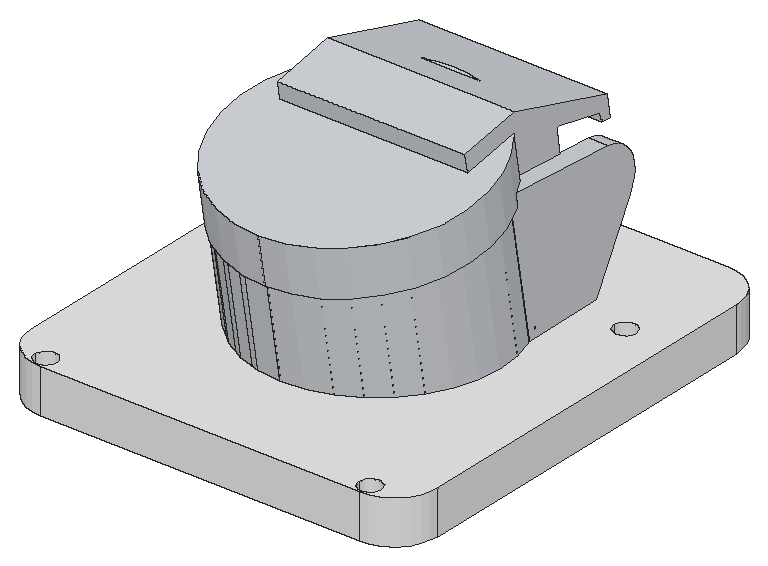
Revit family "Building-ConnessioniIEC309-GEWISS-IEC309BTS-PRESE_FISSE_INC_10°_BASSISSIMA_V_IP44", category Apparecchi elettrici, host Superficie, Revit 2019
Family settings
  Host = Superficie
  Mantenere orientamento annotazione = Sì
  Quota connettore circolare = Usa diametro
  Tipo di parte = Normale
  Taglio con vuoti quando caricato = No
  Condiviso = No
  Punto di calcolo locali = Sì
Parameters (values of type "GW62282 - PRESA FISSA 10°INC.PR.2P 32A CC 10H")
  simbolo acceso [instance] = yes
  distanza_simbolo [instance] = 1 mm
  distanza dal piano [instance] = 0 mm
  W = 115 mm  # constant formula
  Versione file RFA = "21.11"
  URL = "https://www.gewiss.com/it/it"
  Tipologia = "Presa fissa da incasso 10°"
  Tipo Cablaggio = "A vite"
  Termopressione con biglia = "125 °C (Parti attive) - 80 °C (Parti passive)"
  Tensione nominale: = "20-25 V e 40-50 V"
  Temperatura di utilizzo = "-25 +40 °C"
  Spostamento_effettivo_S [instance] = 4000 mm - Spostamento_S  # 3050 mm
  Spostamento_S = 950 mm
  Sportello_visibile = yes
  Sovraccarico ammissibile = "42A"
  Scheda Tecnica = "https://www.gewiss.com/it/it/search?q=GW62282"
  SPinotto = Default(2)
  SEO = "Presa"
  Riferimento h: = "10"
  Resistenza di isolamento = "- 10 M?"
  Resistenza agli urti = "IK08"
  Prospetto di default = 500 mm
  Produttore = "GEWISS S.p.A."
  Potere d'interruzione a 1,1 Un = "40A"
  Piastra = Default(2)
  N. poli = "2P"
  N. Manovre complessive = "-2000"
  Modello = "GW62282"
  L = 155 mm  # constant formula
  Immagine tipo = (empty or 0)
  IDT = "8afe203aa1864dc1852bbf52b3636d03"
  IDF = "d9eaff0d-55dc-4099-9c21-f2d86dba4fd9"
  Grado di protezione = "IP44"
  Glow wire test: = "850 °C (Parti attive) - 650 °C (Parti passive)"
  Frequenza = "c.c."
  FORMULA = 1000 mm * 1  # 1000 mm
  Dimensioni flangia (mm) = "85x75"
  Descrizione = "PRESA FISSA 10°INC.PR.2P 32A CC 10H"
  Creato da GEWISS S.p.A. = ""
  Corrente nominale (A) = "32"
  Corpo centrale = Default(2)
  Colore: = "Bianco"
  Codice Electrocod = "2210"
  Catalogo = "BUILDING"
  CapacitÃ  serraggio morsetti = "2,5-6 mm² cavi flessibili - 2,5-10 mm² cavi rigidi"
  COBie.Tagnumber = ""
  COBie.CreatedOn = ""
  COBie.CreatebBy = ""
  COBie.ComponentRegisterItemID = ""
  COBie.Component.TagNumber = ""
  COBie.Component.Space = ""
  COBie.Component.SerialNumber = ""
  COBie.Component.InstallationDate = ""
  COBie.Component.Description = ""
  COBie.Component.BarCode = ""
  BLOCCO = "B=C"
Types (18, lengths in mm): name | Tensione nominale: | Sovraccarico ammissibile | Scheda Tecnica | Riferimento h: | Potere d'interruzione a 1,1 Un | N. poli | N. Manovre complessive | Modello | IDT | Frequenza | Descrizione | Corrente nominale (A) | Colore: | CapacitÃ  serraggio morsetti
  GW62265 - PRESA FISSA 10°INC.PR.2P 16A 24V S.R. | "20-25 V" | "22A" | "https://www.gewiss.com/it/it/search?q=GW62265" | "-" | "20A" | "2P" | "-5000" | "GW62265" | "9def6e23c77c452c8bc1facfcbc9bd77" | "50 - 60 Hz" | "PRESA FISSA 10°INC.PR.2P 16A 24V S.R." | "16" | "Viola" | "1-2,5 mm² cavi flessibili - 1,5-4 mm² cavi rigidi"
  GW62266 - PRESA FISSA 10°INC.PR.3P 16A 24V S.R. | "20-25 V" | "22A" | "https://www.gewiss.com/it/it/search?q=GW62266" | "-" | "20A" | "3P" | "-5000" | "GW62266" | "a0f886dc9e3c47888f3aa8c14af0ab1e" | "50 - 60 Hz" | "PRESA FISSA 10°INC.PR.3P 16A 24V S.R." | "16" | "Viola" | "1-2,5 mm² cavi flessibili - 1,5-4 mm² cavi rigidi"
  GW62267 - PRESA FISSA 10°INC.PR.2P 16A 42V 12H | "40-50 V" | "22A" | "https://www.gewiss.com/it/it/search?q=GW62267" | "12" | "20A" | "2P" | "-5000" | "GW62267" | "eeb0a0309cea4cc6b961402f103a076e" | "50 - 60 Hz" | "PRESA FISSA 10°INC.PR.2P 16A 42V 12H" | "16" | "Bianco" | "1-2,5 mm² cavi flessibili - 1,5-4 mm² cavi rigidi"
  GW62268 - PRESA FISSA 10°INC.PR.3P 16A 42V 12H | "40-50 V" | "22A" | "https://www.gewiss.com/it/it/search?q=GW62268" | "12" | "20A" | "3P" | "-5000" | "GW62268" | "43b9056ef6c34fd3a24c90325ea60f34" | "50 - 60 Hz" | "PRESA FISSA 10°INC.PR.3P 16A 42V 12H" | "16" | "Bianco" | "1-2,5 mm² cavi flessibili - 1,5-4 mm² cavi rigidi"
  GW62269 - PRESA FISSA 10°INC.PR.2P 16A 24/42V 4H | "20-25 V e 40-50 V" | "22A" | "https://www.gewiss.com/it/it/search?q=GW62269" | "4" | "20A" | "2P" | "-5000" | "GW62269" | "e8cfee45653440e09d1937b7a99b5a49" | "100 - 200 Hz" | "PRESA FISSA 10°INC.PR.2P 16A 24/42V 4H" | "16" | "Verde" | "1-2,5 mm² cavi flessibili - 1,5-4 mm² cavi rigidi"
  GW62270 - PRESA FISSA 10°INC.PR.3P 16A 24/42V 4H | "20-25 V e 40-50 V" | "22A" | "https://www.gewiss.com/it/it/search?q=GW62270" | "4" | "20A" | "3P" | "-5000" | "GW62270" | "018e38cab65b454193061a6e711b3522" | "100 - 200 Hz" | "PRESA FISSA 10°INC.PR.3P 16A 24/42V 4H" | "16" | "Verde" | "1-2,5 mm² cavi flessibili - 1,5-4 mm² cavi rigidi"
  GW62271 - PRESA FISSA 10°INC.PR.2P 16A 24/42V 11H | "20-25 V e 40-50 V" | "22A" | "https://www.gewiss.com/it/it/search?q=GW62271" | "11" | "20A" | "2P" | "-5000" | "GW62271" | "263cd24e67174d9bb4d7e0c0d767674c" | "401 - 500 Hz" | "PRESA FISSA 10°INC.PR.2P 16A 24/42V 11H" | "16" | "Verde" | "1-2,5 mm² cavi flessibili - 1,5-4 mm² cavi rigidi"
  GW62272 - PRESA FISSA 10°INC.PR.3P 16A 42V 11H | "20-25 V e 40-50 V" | "22A" | "https://www.gewiss.com/it/it/search?q=GW62272" | "11" | "20A" | "3P" | "-5000" | "GW62272" | "d19aea3682ee4d248541bb61866dac65" | "401 - 500 Hz" | "PRESA FISSA 10°INC.PR.3P 16A 42V 11H" | "16" | "Verde" | "1-2,5 mm² cavi flessibili - 1,5-4 mm² cavi rigidi"
  GW62273 - PRESA FISSA 10°INC.PR.2P 16A CC 10H | "20-25 V e 40-50 V" | "22A" | "https://www.gewiss.com/it/it/search?q=GW62273" | "10" | "20A" | "2P" | "-5000" | "GW62273" | "e91c6f749840467fb8bfcdea271c9aa0" | "c.c." | "PRESA FISSA 10°INC.PR.2P 16A CC 10H" | "16" | "Bianco" | "1-2,5 mm² cavi flessibili - 1,5-4 mm² cavi rigidi"
  GW62274 - PRESA FISSA 10°INC.PR.2P 32A 24V S.R. | "20-25 V" | "42A" | "https://www.gewiss.com/it/it/search?q=GW62274" | "-" | "40A" | "2P" | "-2000" | "GW62274" | "f15b4b81c7b840a6914eab4862c35006" | "50 - 60 Hz" | "PRESA FISSA 10°INC.PR.2P 32A 24V S.R." | "32" | "Viola" | "2,5-6 mm² cavi flessibili - 2,5-10 mm² cavi rigidi"
  GW62275 - PRESA FISSA 10°INC.PR.3P 32A 24V S.R. | "20-25 V" | "42A" | "https://www.gewiss.com/it/it/search?q=GW62275" | "-" | "40A" | "3P" | "-2000" | "GW62275" | "d3c1981293a540618c0e40ea98bb831f" | "50 - 60 Hz" | "PRESA FISSA 10°INC.PR.3P 32A 24V S.R." | "32" | "Viola" | "2,5-6 mm² cavi flessibili - 2,5-10 mm² cavi rigidi"
  GW62276 - PRESA FISSA 10°INC.PR.2P 32A 24/42V 12H | "40-50 V" | "42A" | "https://www.gewiss.com/it/it/search?q=GW62276" | "12" | "40A" | "2P" | "-2000" | "GW62276" | "67b9ecae861a48fcb3933a667a0eed9d" | "50 - 60 Hz" | "PRESA FISSA 10°INC.PR.2P 32A 24/42V 12H" | "32" | "Bianco" | "2,5-6 mm² cavi flessibili - 2,5-10 mm² cavi rigidi"
  GW62277 - PRESA FISSA 10°INC.PR.3P 32A 42V 12H | "40-50 V" | "42A" | "https://www.gewiss.com/it/it/search?q=GW62277" | "12" | "40A" | "3P" | "-2000" | "GW62277" | "7e02106feacc4c109087a3136f397ceb" | "50 - 60 Hz" | "PRESA FISSA 10°INC.PR.3P 32A 42V 12H" | "32" | "Bianco" | "2,5-6 mm² cavi flessibili - 2,5-10 mm² cavi rigidi"
  GW62278 - PRESA FISSA 10°INC.PR.2P 32A 24/42V4H | "20-25 V e 40-50 V" | "42A" | "https://www.gewiss.com/it/it/search?q=GW62278" | "4" | "40A" | "2P" | "-2000" | "GW62278" | "ab66afe078ca42058b5bde5720b40186" | "100 - 200 Hz" | "PRESA FISSA 10°INC.PR.2P 32A 24/42V4H" | "32" | "Verde" | "2,5-6 mm² cavi flessibili - 2,5-10 mm² cavi rigidi"
  GW62279 - PRESA FISSA 10°INC.PR.3P 32A 24/42V4H | "20-25 V e 40-50 V" | "42A" | "https://www.gewiss.com/it/it/search?q=GW62279" | "4" | "40A" | "3P" | "-2000" | "GW62279" | "8a3e5e1806df49ea9c6e42368c590c59" | "100 - 200 Hz" | "PRESA FISSA 10°INC.PR.3P 32A 24/42V4H" | "32" | "Verde" | "2,5-6 mm² cavi flessibili - 2,5-10 mm² cavi rigidi"
  GW62280 - PRESA FISSA 10°INC.PR.2P 32A 24/42V 11H | "20-25 V e 40-50 V" | "42A" | "https://www.gewiss.com/it/it/search?q=GW62280" | "11" | "40A" | "2P" | "-2000" | "GW62280" | "abd18fdf84a94e05b5740bba7bad5c35" | "401 - 500 Hz" | "PRESA FISSA 10°INC.PR.2P 32A 24/42V 11H" | "32" | "Verde" | "2,5-6 mm² cavi flessibili - 2,5-10 mm² cavi rigidi"
  GW62281 - PRESA FISSA 10°INC.PR.3P 32A 24/42V 11H | "20-25 V e 40-50 V" | "42A" | "https://www.gewiss.com/it/it/search?q=GW62281" | "11" | "40A" | "3P" | "-2000" | "GW62281" | "53c0e80d9af846c6bfa261089d5de116" | "401 - 500 Hz" | "PRESA FISSA 10°INC.PR.3P 32A 24/42V 11H" | "32" | "Verde" | "2,5-6 mm² cavi flessibili - 2,5-10 mm² cavi rigidi"
  GW62282 - PRESA FISSA 10°INC.PR.2P 32A CC 10H | "20-25 V e 40-50 V" | "42A" | "https://www.gewiss.com/it/it/search?q=GW62282" | "10" | "40A" | "2P" | "-2000" | "GW62282" | "8afe203aa1864dc1852bbf52b3636d03" | "c.c." | "PRESA FISSA 10°INC.PR.2P 32A CC 10H" | "32" | "Bianco" | "2,5-6 mm² cavi flessibili - 2,5-10 mm² cavi rigidi"
Reference planes
  plane 1 "Centro (Fronte/Retro)": y = 0
  plane 2: z = 0
  plane 3 "Centro (Sinistra/Destra)": x = 0
  plane 4: x = -3000
  plane 5: x = 50
  plane 6: z = 0
Dimensions and locks
  plane 4 to plane 3 "Centro (Sinistra/Destra)" = 3000 mm
  "Spostamento_effettivo_S": plane 4 to plane 5
  "distanza dal piano": plane 6 to plane 2
  aligned and locked: plane 2 to host face
  aligned and locked: level to host face
  aligned and locked: plane 3 "Centro (Sinistra/Destra)" to nested 1
  aligned and locked: plane 1 "Centro (Fronte/Retro)" to nested 1
  aligned and locked: nested 2 to plane 5
Automatic sketch dimensions
  host sketch curve to host sketch curve = 2438.4 mm  (x2)
Nested families
  nested 1: "IEC309 PRESE FISSE INCASSO 10' BASSISSIMA V IP44_base" at (0, 0, 0), type "IEC309 PRESE FISSE INCASSO 10' BASSISSIMA V IP44_base"
  nested 2: "GWGW62201FH - SIMBOLO_PRESA" at (50, 171.559, 0), visible <- "simbolo acceso", Distanza dal muro <- "distanza_simbolo", type "3P"
    with SIMBOLO ACCESO yes, Distanza dal muro 1 mm
Connectors
  electrical at (37.5, 30, 0)
    settings: on nested 1, index 1, voltage 0 V, apparent load 0 VA, apparent load phase1 0 VA, apparent load phase2 0 VA, apparent load phase3 0 VA, power factor 1, load classification "Altro", number of poles 1, system type 31, power factor state 1, is connector primary yes, connector utility no, sub classification motor no, connector description ""
Definition of nested family "IEC309 PRESE FISSE INCASSO 10' BASSISSIMA V IP44_base"
  Parameters (values of type "IEC309 PRESE FISSE INCASSO 10' BASSISSIMA V IP44_base")
    sp_ghiera = 16 mm
    r2 = 22.5 mm
    h = 85 mm  # constant formula
    dis_base = 71 mm
    Sportello = yes
    Spinotto = none
    R1 = 22.5 mm
    PIASTRA = none
    Lunghezza totale = 140 mm
    CENTRALE = none
    Bsae = 75 mm  # constant formula
  Reference planes
    plane 1 "Centro (Fronte/Retro)": y = 0
    plane 2: z = 0
    plane 3 "Centro (Sinistra/Destra)": x = 0
    plane 4: x = 75
    plane 5: x = 7
    plane 6: y = 13
    plane 7: x = 67
    plane 8: y = 72
    plane 9: y = 85
    plane 10: x = 37.5
    plane 11: z = 8.057
    plane 12: z = 23.239
    plane 13: x = 68
    plane 14: x = 63
    plane 15: x = 12
    plane 16: y = 55
  Forms (mm)
    Extrusion 1, solid, material <- "PIASTRA"
      sketch origin (0, 0, 0) x (1, 0, 0) y (0, 1, 0)
        loop
          arc (8, 85) -> (2.343, 82.657) -> (0, 77) r 8
          line (0, 77) -> (0, 8)
          arc (0, 8) -> (2.343, 2.343) -> (8, 0) r 8
          line (8, 0) -> (67, 0)
          arc (67, 0) -> (72.657, 2.343) -> (75, 8) r 8
          line (75, 8) -> (75, 77)
          arc (75, 77) -> (72.657, 82.657) -> (67, 85) r 8
          line (67, 85) -> (8, 85)
      from 0 to 8.057
    Extrusion 2, solid
      sketch origin (0, -3.125, -1.562) x (0, 1, 0) y (0, 0, 1)
        loop
          line (43.95, 36.363) -> (64.587, 33.905) -> (63.744, 38.546)
          arc (63.744, 38.546) -> (63.891, 39.007) -> (64.354, 39.142) r 0.515
          line (64.354, 39.142) -> (73.841, 37.179) -> (74.165, 35.396) -> (76.085, 35.373) -> (75.333, 39.637) -> (54.232, 45.894) -> (42.63, 43.848) -> (43.95, 36.363)
      from 20.172 to 54.828
    Extrusion 3, void
      sketch origin (0, -10.625, 0) x (1, 0, 0) y (0, 1, 0)
        loop
          circle (7, 72) r 2.072
        loop
          circle (67, 72) r 2.072
        loop
          circle (7, 13) r 2.072
        loop
          circle (67, 13) r 2.072
      from 0 to 8.057
    Sweep 4, solid
      path origin (2.5, 5.625, 0) x (0, 1, 0) y (0, 0, 1)
        loop
          line (36.306, 4.207) -> (31.823, 29.346)
      profile origin (2.5, 39.689, 16.777) x (0, -0.98447, -0.175554) y (1, 0, 0)
        loop
          circle (0, 35) r 22.5
    Sweep 5, solid
      path origin (0, 5.625, 0) x (0, 1, 0) y (0, 0, 1)
        loop
          line (31.823, 29.346) -> (30.209, 38.396)
      profile origin (0, 36.641, 33.871) x (0, -0.98447, -0.175554) y (1, 0, 0)
        loop
          circle (0, 37.5) r 23
    Sweep 6, solid
      path origin (0, 5.625, 0) x (0, 1, 0) y (0, 0, 1)
        loop
          line (31.823, 29.346) -> (36.212, 4.734)
      profile origin (0, 39.642, 17.04) x (0, 0.98447, 0.175554) y (1, 0, 0)
        loop
          circle (0, 37.5) r 22.5
    Extrusion 7, solid
      sketch origin (-5.625, -3.125, 0) x (0, 1, 0) y (0, 0, 1)
        loop
          line (71.29, 32.466) -> (44.064, 34.238) -> (48.733, 8.057) -> (68.558, 8.057) -> (76.259, 22.19)
          arc (76.259, 22.19) -> (76.771, 28.777) -> (71.29, 32.466) r 6.557
      from 60.453 to 63.951
    Extrusion 8, solid
      sketch origin (80.625, -3.125, 0) x (0, 1, 0) y (0, 0, -1)
        loop
          arc (71.29, -32.466) -> (76.771, -28.777) -> (76.259, -22.19) r 6.557
          line (76.259, -22.19) -> (68.558, -8.057) -> (48.733, -8.057) -> (44.064, -34.238) -> (71.29, -32.466)
      from 60.453 to 63.951
  Cuts and joins
    Extrusion 3 cuts Extrusion 1
    joined: Extrusion 2, Sweep 5, Extrusion 8
    joined: Sweep 6, Extrusion 7
  Dimensions and locks
    "Bsae": plane 3 "Centro (Sinistra/Destra)" to plane 4
    locked: plane 7 to plane 4 at 8
    "h": plane 1 "Centro (Fronte/Retro)" to plane 9
    equal spacing: plane 3 "Centro (Sinistra/Destra)", plane 10, plane 4
    locked: plane 5 to plane 7 at 60
    locked: plane 11 to level at 8.057
    plane 12 to plane 11 = 15.181 mm
    plane 9 to plane 8 = 13 mm
    locked: plane 14 to plane 13 at 5
    locked: plane 5 to plane 15 at 5
    equal spacing: cut or joined group of Extrusion 2, Sweep 5, Extrusion 8, plane 10, cut or joined group of Extrusion 2, Sweep 5, Extrusion 8
    radius of Extrusion 1 sketch curve = 8 mm  (x4)
    "R1": radius of Sweep 6 sketch curve
    "R1": radius of Sweep 4 sketch curve
    aligned and locked: level to plane 2
    aligned and locked: plane 9 to Extrusion 1
    aligned and locked: Extrusion 1 to plane 3 "Centro (Sinistra/Destra)"
    aligned and locked: plane 1 "Centro (Fronte/Retro)" to Extrusion 1
    aligned and locked: Extrusion 1 to plane 4
    aligned and locked: plane 11 to Extrusion 1
    aligned and locked: plane 5 to Extrusion 3 sketch curve  (x2)
    aligned and locked: plane 7 to Extrusion 3 sketch curve  (x2)
    aligned and locked: Extrusion 1 to Extrusion 3
    aligned and locked: plane 10 to Sweep 5 sketch curve
    aligned and locked: plane 10 to Sweep 4 sketch curve
    aligned and locked: plane 10 to Sweep 6 sketch curve
    aligned and locked: Extrusion 7 to cut or joined group of Extrusion 2, Sweep 5, Extrusion 8
  Automatic sketch dimensions
    Extrusion 1 sketch curve to plane 3 "Centro (Sinistra/Destra)" = 0 mm
    Extrusion 1 sketch curve to plane 7 = 0 mm
    plane 1 "Centro (Fronte/Retro)" to Extrusion 1 sketch curve = 0 mm
    Extrusion 1 sketch curve to plane 9 = 0 mm
    Extrusion 2 sketch curve to plane 16 = 15.495 mm
    Extrusion 2 sketch curve to Extrusion 2 sketch curve = 1.32 mm
    Extrusion 2 sketch curve to plane 16 = 3.893 mm
    plane 16 to Extrusion 2 sketch curve = 5.619 mm
    Extrusion 2 sketch curve to Extrusion 2 sketch curve = 0.506 mm
    Extrusion 2 sketch curve to Extrusion 2 sketch curve = 0.104 mm
    Extrusion 2 sketch curve to Extrusion 2 sketch curve = 0.843 mm
    Extrusion 2 sketch curve to plane 8 = 1.284 mm
    Extrusion 2 sketch curve to plane 8 = 0.96 mm
    plane 8 to Extrusion 2 sketch curve = 0.208 mm
    plane 8 to Extrusion 2 sketch curve = 0.96 mm
    plane 12 to Extrusion 2 sketch curve = 9.103 mm
    plane 12 to Extrusion 2 sketch curve = 10.572 mm
    Extrusion 2 sketch curve to Extrusion 2 sketch curve = 0.023 mm
    plane 12 to Extrusion 2 sketch curve = 11.562 mm
    Extrusion 2 sketch curve to Extrusion 2 sketch curve = 1.783 mm
    Extrusion 2 sketch curve to Extrusion 2 sketch curve = 4.642 mm
    Extrusion 2 sketch curve to Extrusion 2 sketch curve = 0.092 mm
    Extrusion 2 sketch curve to Extrusion 2 sketch curve = 2.458 mm
    Extrusion 2 sketch curve to Extrusion 2 sketch curve = 7.485 mm
    Extrusion 3 sketch curve to plane 1 "Centro (Fronte/Retro)" = 2.375 mm  (x2)
    plane 16 to Extrusion 3 sketch curve = 6.375 mm  (x2)
    plane 12 to Sweep 4 sketch curve = 6.107 mm
    Sweep 4 sketch curve to plane 16 = 17.552 mm
    Sweep 4 sketch curve to plane 11 = 3.85 mm
    Sweep 4 sketch curve to plane 16 = 13.069 mm
    Sweep 5 sketch curve to plane 16 = 19.166 mm
    plane 12 to Sweep 5 sketch curve = 6.107 mm
    Sweep 5 sketch curve to Sweep 5 sketch curve = 1.614 mm
    Sweep 5 sketch curve to Sweep 5 sketch curve = 9.051 mm
    Sweep 5 sketch curve to profile plane = 0 mm
    plane 12 to Sweep 6 sketch curve = 6.107 mm
    Sweep 6 sketch curve to plane 16 = 17.552 mm
    Sweep 6 sketch curve to plane 11 = 3.323 mm
    Sweep 6 sketch curve to plane 16 = 13.163 mm
    Extrusion 7 sketch curve to plane 11 = 0 mm
    Extrusion 7 sketch curve to plane 16 = 14.061 mm
    Extrusion 7 sketch curve to plane 16 = 9.392 mm
    Extrusion 7 sketch curve to plane 8 = 6.567 mm
    Extrusion 7 sketch curve to plane 8 = 4.258 mm
    Extrusion 7 sketch curve to plane 8 = 3.835 mm
    plane 8 to Extrusion 7 sketch curve = 1.134 mm
    Extrusion 7 sketch curve to plane 12 = 1.049 mm
    plane 12 to Extrusion 7 sketch curve = 2.684 mm
    plane 12 to Extrusion 7 sketch curve = 10.999 mm
    Extrusion 8 sketch curve to plane 11 = 0 mm
    Extrusion 8 sketch curve to plane 16 = 14.061 mm
    Extrusion 8 sketch curve to plane 16 = 9.392 mm
    Extrusion 8 sketch curve to plane 8 = 6.567 mm
    Extrusion 8 sketch curve to plane 8 = 4.258 mm
    Extrusion 8 sketch curve to plane 8 = 3.835 mm
    plane 8 to Extrusion 8 sketch curve = 1.134 mm
    Extrusion 8 sketch curve to plane 12 = 1.049 mm
    plane 12 to Extrusion 8 sketch curve = 2.684 mm
    plane 12 to Extrusion 8 sketch curve = 10.999 mm
    Sweep 4 sketch curve to profile plane = 0 mm
    Sweep 6 sketch curve to profile plane = 0 mm
    radius of Extrusion 3 sketch curve = 2.072 mm  (x4)
    radius of Sweep 5 sketch curve = 23 mm
Definition of nested family "GWGW62201FH - SIMBOLO_PRESA"
  Parameters (values of type "3P")
    SIMBOLO ACCESO [instance] = yes
    Distanza dal muro [instance] = 0 mm
  Reference planes
    plane 1: y = 0
    plane 2: x = 0
  Dimensions and locks
    "Distanza dal muro": plane 1 to nested 1
    aligned and locked: plane 2 to nested 1
  Nested families
    nested 1: "GWGW62201FH - SIMBOLO" at (0, 0, 0), visible <- "SIMBOLO ACCESO", type "3P"
  Definition of nested family "GWGW62201FH - SIMBOLO"
    Parameters (values of type "3P")
      CORNICE SIMBOLO [instance] = yes
      3P = yes
    Reference planes
      plane 1: y = 0
      plane 2: x = 0
    Lines and regions (mm)
      detail lines
        curve 1: circle (-0.314, 0.674, 0) r 0.057 normal (0, 0, 1)
        curve 2: arc (0.346, -0.009, 0) -> (0, 0.337, 0) -> (-0.346, -0.009, 0) r 0.346
        curve 3: line (0, 0.337, 0) -> (0.346, 0.337, 0)
        curve 4: line (0, 3.386, 0) -> (0, 0.337, 0)
        curve 5: line (0, 0.337, 0) -> (-0.314, 0.674, 0)
